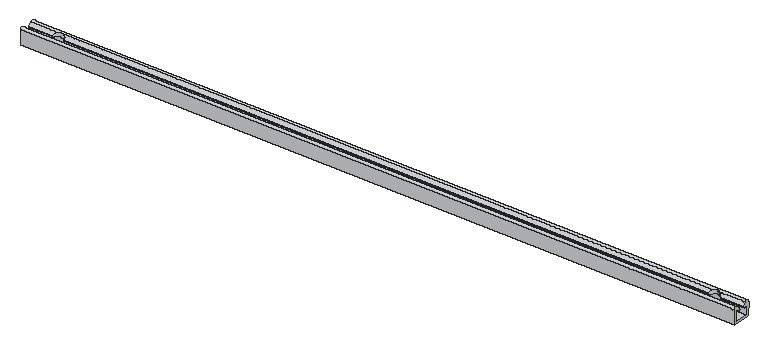
Revit family
Parameters
  URL = "www.siouxchief.com"
  Model = "523-3MSL"
  Manufacturer = "Sioux Chief Manufacturing"
  Description = "26\" Heavy Duty Power Bar Mini Strut"
Reference planes (in)
  plane 1 "Center (Front/Back)": y = 0
  plane 2: z = 0
  plane 3 "Center (Left/Right)": x = 0
Forms (in)
  Extrusion 1, solid
    sketch origin (-13, 0, 0) x (0, 1, 0) y (0, 0, 1)
      loop
        line (0.3117, 0) -> (0.3117, 0.4787)
        arc (0.3117, 0.4787) -> (0.26448, 0.54489) -> (0.18652, 0.52177) r 0.07
        line (0.18652, 0.52177) -> (0.09063, 0.39894) -> (0.1405, 0.34906) -> (0.2417, 0.4787) -> (0.2417, 0.07) -> (-0.2417, 0.07) -> (-0.2417, 0.4787) -> (-0.1405, 0.34906) -> (-0.09063, 0.39894) -> (-0.18652, 0.52177)
        arc (-0.18652, 0.52177) -> (-0.26448, 0.54489) -> (-0.3117, 0.4787) r 0.07
        line (-0.3117, 0.4787) -> (-0.3117, 0) -> (0.3117, 0)
    from 0 to 26
  Extrusion 2, void
    sketch origin (2, 0, 0) x (0, 1, 0) y (1, 0, 0)
      loop
        circle (0, -13) r 0.05
    from -0.85574 to 0.2
  Extrusion 3, void
    sketch origin (3, 0, 0) x (0, 1, 0) y (1, 0, 0)
      loop
        circle (0, -13) r 0.05
    from -0.85574 to 0.2
  Extrusion 4, void
    sketch origin (5, 0, 0) x (0, 1, 0) y (1, 0, 0)
      loop
        circle (0, -13) r 0.05
    from -0.85574 to 0.2
  Extrusion 5, void
    sketch origin (6, 0, 0) x (0, 1, 0) y (1, 0, 0)
      loop
        circle (0, -13) r 0.05
    from -0.85574 to 0.2
  Extrusion 6, void
    sketch origin (7, 0, 0) x (0, 1, 0) y (1, 0, 0)
      loop
        circle (0, -13) r 0.05
    from -0.85574 to 0.2
  Extrusion 7, void
    sketch origin (8, 0, 0) x (0, 1, 0) y (1, 0, 0)
      loop
        circle (0, -13) r 0.05
    from -0.85574 to 0.2
  Extrusion 8, void
    sketch origin (9, 0, 0) x (0, 1, 0) y (1, 0, 0)
      loop
        circle (0, -13) r 0.05
    from -0.85574 to 0.2
  Extrusion 9, void
    sketch origin (10, 0, 0) x (0, 1, 0) y (1, 0, 0)
      loop
        circle (0, -13) r 0.05
    from -0.85574 to 0.2
  Extrusion 10, void
    sketch origin (11, 0, 0) x (0, 1, 0) y (1, 0, 0)
      loop
        circle (0, -13) r 0.05
    from -0.85574 to 0.2
  Extrusion 11, void
    sketch origin (12, 0, 0) x (0, 1, 0) y (1, 0, 0)
      loop
        circle (0, -13) r 0.05
    from -0.85574 to 0.2
  Extrusion 12, void
    sketch origin (4, 0, 0) x (0, 1, 0) y (1, 0, 0)
      loop
        circle (0, -13) r 0.05
    from -0.85574 to 0.2
  Extrusion 13, void
    sketch origin (13, 0, 0) x (0, 1, 0) y (1, 0, 0)
      loop
        circle (0, -13) r 0.05
    from -0.85574 to 0.2
  Extrusion 14, void
    sketch origin (14, 0, 0) x (0, 1, 0) y (1, 0, 0)
      loop
        circle (0, -13) r 0.05
    from -0.85574 to 0.2
  Extrusion 15, void
    sketch origin (15, 0, 0) x (0, 1, 0) y (1, 0, 0)
      loop
        circle (0, -13) r 0.05
    from -0.85574 to 0.2
  Extrusion 16, void
    sketch origin (16, 0, 0) x (0, 1, 0) y (1, 0, 0)
      loop
        circle (0, -13) r 0.05
    from -0.85574 to 0.2
  Extrusion 17, void
    sketch origin (17, 0, 0) x (0, 1, 0) y (1, 0, 0)
      loop
        circle (0, -13) r 0.05
    from -0.85574 to 0.2
  Extrusion 18, void
    sketch origin (18, 0, 0) x (0, 1, 0) y (1, 0, 0)
      loop
        circle (0, -13) r 0.05
    from -0.85574 to 0.2
  Extrusion 19, void
    sketch origin (19, 0, 0) x (0, 1, 0) y (1, 0, 0)
      loop
        circle (0, -13) r 0.05
    from -0.85574 to 0.2
  Extrusion 20, void
    sketch origin (20, 0, 0) x (0, 1, 0) y (1, 0, 0)
      loop
        circle (0, -13) r 0.05
    from -0.85574 to 0.2
  Extrusion 21, void
    sketch origin (21, 0, 0) x (0, 1, 0) y (1, 0, 0)
      loop
        circle (0, -13) r 0.05
    from -0.85574 to 0.2
  Extrusion 22, void
    sketch origin (22, 0, 0) x (0, 1, 0) y (1, 0, 0)
      loop
        circle (0, -13) r 0.05
    from -0.85574 to 0.2
  Extrusion 23, void
    sketch origin (23, 0, 0) x (0, 1, 0) y (1, 0, 0)
      loop
        circle (0, -13) r 0.05
    from -0.85574 to 0.2
  Extrusion 24, void
    sketch origin (24, 0, 0) x (0, 1, 0) y (1, 0, 0)
      loop
        circle (0, -13) r 0.05
    from -0.85574 to 0.2
  Extrusion 25, void
    sketch origin (1.06, 0, 0) x (0, 1, 0) y (1, 0, 0)
      loop
        spline (0, -13.2575) -> (0.05047, -13.24873) -> (0.0975, -13.223) -> (0.13789, -13.18208) -> (0.16887, -13.12875) -> (0.18836, -13.06665) -> (0.195, -13) -> (0.18836, -12.93335) -> (0.16887, -12.87125) -> (0.13789, -12.81792) -> (0.0975, -12.777) -> (0.05047, -12.75127) -> (0, -12.7425)
        spline (0, -12.7425) -> (-0.05047, -12.75127) -> (-0.0975, -12.777) -> (-0.13789, -12.81792) -> (-0.16887, -12.87125) -> (-0.18836, -12.93335) -> (-0.195, -13) -> (-0.18836, -13.06665) -> (-0.16887, -13.12875) -> (-0.13789, -13.18208) -> (-0.0975, -13.223) -> (-0.05047, -13.24873) -> (0, -13.2575)
    from -0.85574 to 0.2
  Extrusion 26, void
    sketch origin (-1.8075, 0, 0) x (0, 1, 0) y (1, 0, 0)
      loop
        spline (0, 13.4925) -> (0.05176, 13.50127) -> (0.1, 13.527) -> (0.14142, 13.56792) -> (0.17321, 13.62125) -> (0.19319, 13.68335) -> (0.2, 13.75) -> (0.19319, 13.81665) -> (0.17321, 13.87875) -> (0.14142, 13.93208) -> (0.1, 13.973) -> (0.05176, 13.99873) -> (0, 14.0075)
        spline (0, 14.0075) -> (-0.05176, 13.99873) -> (-0.1, 13.973) -> (-0.14142, 13.93208) -> (-0.17321, 13.87875) -> (-0.19319, 13.81665) -> (-0.2, 13.75) -> (-0.19319, 13.68335) -> (-0.17321, 13.62125) -> (-0.14142, 13.56792) -> (-0.1, 13.527) -> (-0.05176, 13.50127) -> (0, 13.4925)
    from -0.80304 to 0.2
Cuts and joins
  Extrusion 2, Extrusion 3, Extrusion 4, Extrusion 5, Extrusion 6, Extrusion 7, Extrusion 8, Extrusion 9, Extrusion 10, Extrusion 11, Extrusion 12, Extrusion 13, Extrusion 14, Extrusion 15, Extrusion 16, Extrusion 17, Extrusion 18, Extrusion 19, Extrusion 20, Extrusion 21, Extrusion 22, Extrusion 23, Extrusion 24, Extrusion 25, Extrusion 26 cuts Extrusion 1
Dimensions and locks (in)
  locked: Extrusion 1 to Extrusion 1 at 26
  Extrusion 26 sketch curve to Extrusion 26 sketch curve = 0.20"
  aligned and locked: plane 2 to level
  aligned and locked: Extrusion 2 to Extrusion 25
